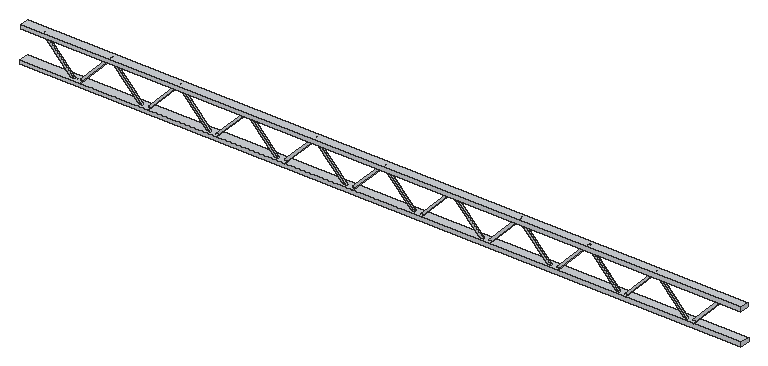
Revit family "11bb513b186d49bb9c1e2d4c80f1cd28", category Structural Framing, Revit 2021
Family settings
  Structural Framing Length Roundoff = 0' - 0 1/16"
  Section Shape = Not Defined
  Material for Model Behavior = Wood
  Always export as geometry = Yes
  OmniClass Number = 23.25.30.21.14.17
  OmniClass Title = Metal-Web Wood Joists
  Seek Item ID = TJL Wood Open Web Joist-0000-USA-ENU
  Always vertical = Yes
  Cut with Voids When Loaded = No
  Symbolic Representation = From Family
  Shared = No
  Show family pre-cut in plan views = Yes
Parameters (values of type "14"")
  Web Thickness = 0' - 1"
  Web Rendering Material = none
  Web Leg = 0' - 1"
  Structural Material = none
  Start Offset [instance] = 0' - 0"
  Top Chord Start Extension [instance] = 0' - 0"
  PanelArrayLength [instance] = Length - (2 * End Panel)  # 22' - 8"
  Depth = 1' - 2"
  PanelWidth [instance] = PanelArrayLength / PanelArrayNum  # 2' - 3.2"
  PanelArrayNum [instance] = PanelArrayLength / (2 * Depth)  # 10
  Offset Length 2 [instance] = End Panel - End Offset + Bottom Chord End Extension  # 0' - 8"
  Offset Length 1 [instance] = End Panel - Start Offset + Bottom Chord Start Extension  # 0' - 8"
  End Panel [instance] = 0' - 8"
  End Offset [instance] = 0' - 0"
  Top Chord End Extension [instance] = 0' - 0"
  Chord Width = 0' - 3 1/2"
  Chord Depth = 0' - 1 1/2"
  Bottom Chord Start Extension [instance] = 0' - 0"
  Bottom Chord End Extension [instance] = 0' - 0"
  Assembly Code = ""
  Length [instance] = 24' - 0"
Reference planes (in)
  plane 1 "Center (Front/Back)": y = 0
  plane 2: z = 0
  plane 3 "Center (Left/Right)": x = 20.67896
  plane 4 "Member Left": x = -91.52576
  plane 5 "Member Right": x = 140.1815
  plane 6: y = 1.75
  plane 7: y = -1.75
  plane 8: z = 7
  plane 9: z = -7
  plane 10 "Left": x = -123.32104
  plane 11 "Stick Symbol Left": x = -83.97458
  plane 12 "Stick Symbol Right": x = 98.05552
  plane 13 "Right": x = 164.67896
  plane 14: x = -115.32104
  plane 15: x = 156.67896
  plane 16: y = 0.5
  plane 17: y = -0.5
  plane 18: z = 5.5
  plane 19: z = -5.5
  plane 20: z = -6.75
  plane 21: z = 6.75
  plane 22: x = -123.32104
  plane 23: x = 164.67896
  plane 24: x = -123.32104
  plane 25: x = 164.67896
  plane 26: x = 129.47896
  plane 27: x = -123.32104
  plane 28: x = 164.67896
Forms (in)
  Extrusion 1, solid, material <- "Structural Material", detail levels medium+fine
    sketch origin (20.67896, 0, 0) x (0, 1, 0) y (0, 0, 1)
      loop
        line (1.75, 7) -> (-1.75, 7) -> (-1.75, 5.5) -> (1.75, 5.5) -> (1.75, 7)
    from -144 to 144
  Extrusion 2, solid, material <- "Structural Material", detail levels medium+fine
    sketch origin (20.67896, 0, 0) x (0, 1, 0) y (0, 0, 1)
      loop
        line (1.75, -5.5) -> (-1.75, -5.5) -> (-1.75, -7) -> (1.75, -7) -> (1.75, -5.5)
    from -144 to 144
Lines and regions (in)
  symbolic lines, style "StructuralFraming", detail levels coarse
    curve 1: line (0, 1.75, 7) -> (0, -1.75, 7)
    curve 2: line (0, -1.75, -7) -> (0, 1.75, -7)
    curve 14: line (0, 1.75, -7) -> (0, 1.75, -5.5)
    curve 15: line (0, -1.75, -7) -> (0, -1.75, -5.5)
    curve 16: line (0, -1.75, -5.5) -> (0, 1.75, -5.5)
    curve 17: line (0, 1.75, 5.5) -> (0, 1.75, 7)
    curve 18: line (0, -1.75, 5.5) -> (0, -1.75, 7)
    curve 19: line (0, -1.75, 5.5) -> (0, 1.75, 5.5)
    curve 20: line (20.67896, 0, -5.5) -> (20.67896, 0, 5.5)
  symbolic lines, style "StructuralFraming", detail levels medium
    curve 3: line (0, 0, -5.5) -> (0, 0, 5.5)
  reference lines
    curve 4: line (-83.97458, 0, -11.86251) -> (-83.97458, 0, 10.13749)
    curve 5: line (-75.97458, 0, -12.11251) -> (-75.97458, 0, 10.13749)
    curve 6: line (98.05552, 0, -9.77905) -> (98.05552, 0, 10.22095)
    curve 7: line (90.05552, 0, -14.77905) -> (90.05552, 0, 10.22095)
  model lines, style "Joist Girder", detail levels coarse
    curve 8: line (90.05552, 0, -7) -> (-75.97458, 0, -7)
    curve 9: line (98.05552, 0, 7) -> (-83.97458, 0, 7)
  model lines, style "Web Joist", detail levels coarse
    curve 10: line (-75.97458, 0, -7) -> (-83.97458, 0, 7)
    curve 11: line (90.05552, 0, -7) -> (98.05552, 0, 7)
  symbolic lines, detail levels fine
    curve 12: line (20.67896, 0.5, -5.5) -> (20.67896, 0.5, 5.5)
    curve 13: line (20.67896, -0.5, -5.5) -> (20.67896, -0.5, 5.5)
  symbolic lines, detail levels medium
    curve 21: line (20.67896, 0, 5.5) -> (20.67896, 0, -5.5)
Dimensions and locks (in)
  equal spacing: plane 9, plane 2, plane 8
  "Length": plane 10 "Left" to plane 13 "Right"
  equal spacing: plane 10 "Left", plane 3 "Center (Left/Right)", plane 13 "Right"
  "Top Chord Start Extension": curve 4 to plane 11 "Stick Symbol Left"
  "End Panel": curve 5 to curve 4
  "Top Chord End Extension": curve 6 to plane 12 "Stick Symbol Right"
  "End Panel": curve 6 to curve 7
  "Depth": plane 9 to plane 8
  "End Panel": plane 10 "Left" to plane 14
  "End Panel": plane 13 "Right" to plane 15
  "Web Thickness": plane 16 to plane 17
  equal spacing: plane 16, plane 1 "Center (Front/Back)", plane 17
  locked: plane 20 to plane 9 at 0.25
  locked: plane 8 to plane 21 at 0.25
  "Start Offset": plane 10 "Left" to plane 24
  "Top Chord Start Extension": plane 22 to plane 24
  "End Offset": plane 25 to plane 13 "Right"
  "Top Chord End Extension": plane 25 to plane 23
  "PanelWidth": plane 15 to plane 26
  equal spacing: group 1, group 3, group 4, group 5, group 6, group 7, group 8, group 9, group 10, group 2  (x3)
  "Offset Length 1": plane 14 to plane 27
  "Offset Length 2": plane 28 to plane 15
  "Chord Depth": plane 18 to plane 8
  "Chord Depth": plane 9 to plane 19
  "Chord Width": plane 6 to plane 7
  equal spacing: plane 6, plane 1 "Center (Front/Back)", plane 7
  aligned and locked: curve 8 to plane 9
  aligned and locked: curve 9 to plane 8
  aligned and locked: curve 5 to curve 8
  aligned and locked: curve 7 to curve 8
  aligned and locked: curve 4 to curve 10
  aligned and locked: curve 6 to curve 11
  aligned and locked: plane 22 to Extrusion 1
  aligned and locked: Extrusion 1 to plane 23
  aligned and locked: plane 1 "Center (Front/Back)" to nested 1
  aligned and locked: nested 1 to plane 14
  aligned and locked: plane 9 to nested 1
  aligned and locked: plane 26 to nested 2
  aligned and locked: plane 9 to nested 2
  aligned and locked: Extrusion 2 to plane 27
  aligned and locked: plane 28 to Extrusion 2
  aligned and locked: curve 14 to curve 16
  aligned and locked: curve 15 to curve 16
  aligned and locked: curve 16 to curve 14
  aligned and locked: curve 16 to plane 19
  aligned and locked: plane 6 to curve 14
  aligned and locked: plane 7 to curve 15
  aligned and locked: curve 15 to curve 2
  aligned and locked: curve 2 to curve 14
  aligned and locked: curve 19 to curve 17
  aligned and locked: curve 19 to plane 18
  aligned and locked: plane 6 to curve 17
  aligned and locked: plane 7 to curve 18
  aligned and locked: plane 7 to curve 1
  aligned and locked: curve 1 to curve 18
  aligned and locked: plane 19 to curve 12
  aligned and locked: plane 19 to curve 13
  aligned and locked: plane 18 to curve 12
  aligned and locked: plane 18 to curve 13
  aligned and locked: plane 2 to level
  aligned and locked: plane 8 to Extrusion 1 sketch curve
  aligned and locked: Extrusion 1 sketch curve to plane 6
  aligned and locked: Extrusion 1 sketch curve to plane 18
  aligned and locked: plane 7 to Extrusion 1 sketch curve
  aligned and locked: curve 14 to Extrusion 2 sketch curve
  aligned and locked: Extrusion 2 sketch curve to curve 16
  aligned and locked: Extrusion 2 sketch curve to curve 2
  aligned and locked: Extrusion 2 sketch curve to curve 15
  aligned and locked: plane 19 to curve 20
  aligned and locked: plane 18 to curve 20
  aligned and locked: plane 1 "Center (Front/Back)" to curve 20
  aligned and locked: plane 8 to curve 1
  aligned and locked: plane 18 to curve 21
  aligned and locked: plane 19 to curve 21
  aligned and locked: curve 21 to plane 1 "Center (Front/Back)"
  aligned and locked: plane 18 to curve 3
  aligned and locked: plane 19 to curve 3
Automatic sketch dimensions
  plane 9 to curve 14 = 0' - 0"
  plane 9 to curve 15 = 0' - 0"
  curve 2 to plane 7 = 0' - 0"
  curve 13 to plane 17 = 0' - 0"
  curve 3 to plane 1 "Center (Front/Back)" = 0' - 0"
  curve 12 to plane 16 = 0' - 0"
  plane 9 to curve 7 = 0' - 7.77905"
  plane 9 to curve 5 = 0' - 5.11251"
  plane 9 to curve 4 = 0' - 4.86251"
  plane 9 to curve 6 = 0' - 2.77905"
  curve 5 to plane 8 = 0' - 3.13749"
  curve 4 to plane 8 = 0' - 3.13749"
  curve 7 to plane 8 = 0' - 3.22095"
  curve 6 to plane 8 = 0' - 3.22095"
Nested families (in)
  nested 1: "Web" at (-115.32104, 0, 0), type "Web"
    with Web Thickness 0' - 0 1/2", Web Offset 0' - 0 1/2", Web Leg 0' - 1", Thickness 0' - 1", PanelHeight 1' - 2", PanelWidth 2' - 3.2", Chord Offset 0' - 0 3/4", Chord Depth 0' - 1 1/2"
  nested 2: "Web" at (129.47896, 0, 0), type "Web"
    with Web Thickness 0' - 0 1/2", Web Offset 0' - 0 1/2", Web Leg 0' - 1", Thickness 0' - 1", PanelHeight 1' - 2", PanelWidth 2' - 3.2", Chord Offset 0' - 0 3/4", Chord Depth 0' - 1 1/2"
  nested 3: "Web" at (-88.12104, 0, 0), type "Web"
    with Web Thickness 0' - 0 1/2", Web Offset 0' - 0 1/2", Web Leg 0' - 1", Thickness 0' - 1", PanelHeight 1' - 2", PanelWidth 2' - 3.2", Chord Offset 0' - 0 3/4", Chord Depth 0' - 1 1/2"
  nested 4: "Web" at (-60.92104, 0, 0), type "Web"
    with Web Thickness 0' - 0 1/2", Web Offset 0' - 0 1/2", Web Leg 0' - 1", Thickness 0' - 1", PanelHeight 1' - 2", PanelWidth 2' - 3.2", Chord Offset 0' - 0 3/4", Chord Depth 0' - 1 1/2"
  nested 5: "Web" at (-33.72104, 0, 0), type "Web"
    with Web Thickness 0' - 0 1/2", Web Offset 0' - 0 1/2", Web Leg 0' - 1", Thickness 0' - 1", PanelHeight 1' - 2", PanelWidth 2' - 3.2", Chord Offset 0' - 0 3/4", Chord Depth 0' - 1 1/2"
  nested 6: "Web" at (-6.52104, 0, 0), type "Web"
    with Web Thickness 0' - 0 1/2", Web Offset 0' - 0 1/2", Web Leg 0' - 1", Thickness 0' - 1", PanelHeight 1' - 2", PanelWidth 2' - 3.2", Chord Offset 0' - 0 3/4", Chord Depth 0' - 1 1/2"
  nested 7: "Web" at (20.67896, 0, 0), type "Web"
    with Web Thickness 0' - 0 1/2", Web Offset 0' - 0 1/2", Web Leg 0' - 1", Thickness 0' - 1", PanelHeight 1' - 2", PanelWidth 2' - 3.2", Chord Offset 0' - 0 3/4", Chord Depth 0' - 1 1/2"
  nested 8: "Web" at (47.87896, 0, 0), type "Web"
    with Web Thickness 0' - 0 1/2", Web Offset 0' - 0 1/2", Web Leg 0' - 1", Thickness 0' - 1", PanelHeight 1' - 2", PanelWidth 2' - 3.2", Chord Offset 0' - 0 3/4", Chord Depth 0' - 1 1/2"
  nested 9: "Web" at (75.07896, 0, 0), type "Web"
    with Web Thickness 0' - 0 1/2", Web Offset 0' - 0 1/2", Web Leg 0' - 1", Thickness 0' - 1", PanelHeight 1' - 2", PanelWidth 2' - 3.2", Chord Offset 0' - 0 3/4", Chord Depth 0' - 1 1/2"
  nested 10: "Web" at (102.27896, 0, 0), type "Web"
    with Web Thickness 0' - 0 1/2", Web Offset 0' - 0 1/2", Web Leg 0' - 1", Thickness 0' - 1", PanelHeight 1' - 2", PanelWidth 2' - 3.2", Chord Offset 0' - 0 3/4", Chord Depth 0' - 1 1/2"
Definition of nested family "Web"
  Parameters
    WebMaterial = none
    Web Thickness = Thickness / 2  # 0' - 0 63/128"
    Web Offset = Web Leg / 2  # 0' - 1"
    Web Leg = 0' - 2"
    Thickness = 0' - 0 63/64"
    PanelHeight = 0' - 7 7/8"
    PanelWidth = 1' - 2 5/8"
    Chord Offset = Chord Depth / 2  # 0' - 1 1/2"
    Chord Depth = 0' - 3"
    Assembly Code = ""
  Reference planes (in)
    plane 1 "Center (Front/Back)": y = 0
    plane 2: z = 0
    plane 3 "Center (Left/Right)": x = 0
    plane 4: x = 14.625
    plane 5: x = 7.3125
    plane 6: z = -3.9375
    plane 7: z = 2.4375
    plane 8: z = 3.9375
    plane 9: y = -0.49219
    plane 10: y = 0.49219
    plane 11: z = 1.4375
    plane 12: z = -1.4375
    plane 13: z = -2.4375
  Forms (in)
    Sweep 1, solid, material <- "WebMaterial", detail levels fine
      path in 3D
        loop
          line (0, 0, 2.4375) -> (1, 0, 2.4375) -> (6.3125, 0, -2.4375) -> (8.3125, 0, -2.4375)
      profile origin (0.5, 0, 2.4375) x (0, 0, 1) y (0, -1, 0)
        loop
          line (1, 0) -> (1, 0.49219) -> (-1, 0.49219) -> (-1, 0) -> (1, 0)
    Sweep 2, solid, material <- "WebMaterial", detail levels fine
      path in 3D
        loop
          line (14.625, 0, 2.4375) -> (13.625, 0, 2.4375) -> (8.3125, 0, -2.4375) -> (6.3125, 0, -2.4375)
      profile origin (14.125, 0, 2.4375) x (0, 0, -1) y (0, -1, 0)
        loop
          line (-1, -0.49219) -> (1, -0.49219) -> (1, 0) -> (-1, 0) -> (-1, -0.49219)
  Lines and regions (in)
    model lines
      curve 1: line (0, 0, -3.9375) -> (0, 0, 3.9375)
      curve 2: line (0, 0, 3.9375) -> (14.625, 0, 3.9375)
      curve 3: line (14.625, 0, 3.9375) -> (14.625, 0, -3.9375)
      curve 4: line (14.625, 0, -3.9375) -> (0, 0, -3.9375)
    model lines, detail levels medium
      curve 5: line (6.3125, 0, -2.4375) -> (8.3125, 0, -2.4375)
      curve 6: line (0, 0, 2.4375) -> (1, 0, 2.4375)
      curve 7: line (14.625, 0, 2.4375) -> (13.625, 0, 2.4375)
      curve 8: line (1, 0, 2.4375) -> (6.3125, 0, -2.4375)
      curve 9: line (8.3125, 0, -2.4375) -> (13.625, 0, 2.4375)
    sketch lines
      curve 10: line (0, 0, 2.4375) -> (1, 0, 2.4375)
      curve 11: line (1, 0, 2.4375) -> (6.3125, 0, -2.4375)
      curve 12: line (6.3125, 0, -2.4375) -> (8.3125, 0, -2.4375)
      curve 13: line (14.625, 0, 2.4375) -> (13.625, 0, 2.4375)
      curve 14: line (8.3125, 0, -2.4375) -> (13.625, 0, 2.4375)
      curve 15: line (6.3125, 0, -2.4375) -> (8.3125, 0, -2.4375)
  Dimensions and locks (in)
    "PanelWidth": plane 4 to plane 3 "Center (Left/Right)"
    equal spacing: plane 4, plane 5, plane 3 "Center (Left/Right)"
    "Chord Offset": plane 8 to plane 7
    "PanelHeight": plane 8 to plane 6
    equal spacing: plane 8, plane 2, plane 6
    "Thickness": plane 10 to plane 9
    equal spacing: plane 10, plane 1 "Center (Front/Back)", plane 9
    locked: plane 8 to plane 11 at 2.5
    plane 12 to plane 6 = 0' - 2 1/2"
    "Chord Offset": plane 13 to plane 6
    "Web Offset": curve 6 to curve 6
    "Web Leg": Sweep 2 sketch curve to Sweep 2 sketch curve
    equal spacing: Sweep 1 sketch curve, plane 7, Sweep 1 sketch curve
    equal spacing: Sweep 2 sketch curve, profile plane, Sweep 2 sketch curve
    "Web Offset": curve 7 to curve 3
    "Web Leg": Sweep 1 sketch curve to Sweep 1 sketch curve
    aligned and locked: plane 8 to curve 2
    aligned and locked: plane 7 to curve 6
    aligned and locked: plane 3 "Center (Left/Right)" to curve 6
    aligned and locked: curve 5 to plane 13
    aligned and locked: plane 9 to Sweep 1 sketch curve
    aligned and locked: plane 1 "Center (Front/Back)" to Sweep 1 sketch curve
    aligned and locked: Sweep 2 sketch curve to profile plane
    aligned and locked: Sweep 2 sketch curve to plane 10
    aligned and locked: curve 7 to plane 7
    aligned and locked: curve 4 to plane 6
    aligned and locked: plane 4 to curve 3
  Automatic sketch dimensions
    curve 5 to plane 5 = 0' - 1"
    plane 5 to curve 5 = 0' - 1"
